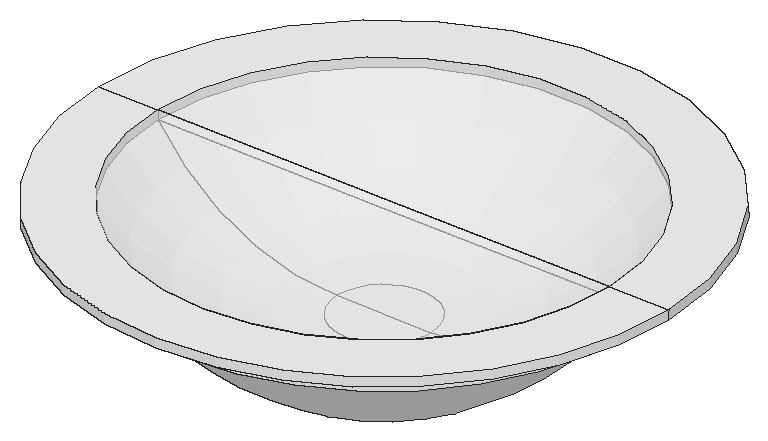
Revit family "0030327 Sylvania Lighting Fixture ST DWNLT 175 IP44 1525LM 840", category Lighting Fixtures, host Face, Revit 2016
Family settings
  Host = Face
  Part Type = Normal
  Round Connector Dimension = Use Diameter
  OmniClass Number = 23.80.70.00
  OmniClass Title = Lighting
  Cut with Voids When Loaded = No
  Light Source = Yes
  Shared = No
  Room Calculation Point = No
Parameters (values of type "0030327 ST DWNLT 175 IP44 1525LM 840")
  Weight = "kg"
  Wattage Comments = ""
  Wattage = 15 W
  WarrantyStartDate [instance] = "n/a"
  WarrantyGuarantorParts = "n/a"
  WarrantyDurationUnit = "n/a"
  WarrantyDurationParts = "n/a"
  WarrantyDescription = "n/a"
  built-in parameter 1150110 = 1 (stored number, unit not read)
  Voltage = 230 V
  URL = "http://www.sylvania-lighting.com"
  TypeName = "ST DWNLT 175 IP44 1525LM 840"
  Type Image = <None>
  Type Comments = "n/a"
  built-in parameter 1114217 = 1 (stored number, unit not read)
  Tilt Angle = -90.00°
  built-in parameter 1150109 = 1 (stored number, unit not read)
  built-in parameter 1150134 = 12
  built-in parameter 1150113 = 1 (stored number, unit not read)
  SerialNumber [instance] = "n/a"
  S_SYL = no
  RadiusTop_SYL = if(S_SYL, 80 mm, if(M_SYL, 100 mm, if(L_SYL, 120 mm, 120 mm)))  # 100 mm
  Photometric Web File = "0030327.ies"
  Material_3_FEILO = Top-Sylvania-STARTDownlight
  PowerFactor = 0.9
  PowerConsumption = "15 W"
  NominalLength = 195 mm
  NominalHeight = 47 mm
  NominalDepth = 195 mm
  Name = "ST DWNLT 175 IP44 1525LM 840"
  ModelReference = Name  # "ST DWNLT 175 IP44 1525LM 840"
  ModelNumber = "0030327"
  Model = Name  # "ST DWNLT 175 IP44 1525LM 840"
  Material = "aluminium housing, polycarbonate diffuser"
  ManufacturerName = "Feilo Sylvania"
  Manufacturer = "Feilo Sylvania"
  M_SYL = yes
  LuminousEfficacy = "102 lm/W"
  built-in parameter 1150105 = 838.41 (stored number, unit not read)
  Lumens = 1530 lm
  LuminaireType = ""
  built-in parameter 1150115 = 1 (stored number, unit not read)
  LightOutputRatio = "100"
  built-in parameter 1150137 = (empty or 0)
  built-in parameter 1150139 = (empty or 0)
  LampsType = Lamp  # "LED"
  LampNominalLuminous = "1525 lm"
  LampMacAdamStep = "5"
  LampColourTemperature = "4000 K"
  LampColourRenderingIndex = "80"
  built-in parameter 1150112 = 1 (stored number, unit not read)
  built-in parameter 1150114 = 1 (stored number, unit not read)
  Lamp = "LED"
  L_SYL = no
  Keynote = "16500"
  InstallationDate [instance] = "n/a"
  InputVoltage = "220-240V~"
  InputNominalFrequency = "50/60 Hz"
  built-in parameter 1150132 = (empty or 0)
  built-in parameter 1150102 = (empty or 0)
  built-in parameter 1150107 = 4000 (stored number, unit not read)
  built-in parameter 1150138 = (empty or 0)
  IngressProtection = "IP20/44"
  ImpactProtectionIndex = "IK07"
  built-in parameter 1150106 = 8.3841 (stored number, unit not read)
  IfcExportType = "IfcLightFixtureType"
  IfcExportAs = "IfcLightFixtureType"
  Height_SYL = if(S_SYL, 41 mm, if(M_SYL, 47 mm, if(L_SYL, 56 mm, 62 mm)))  # 47 mm
  ExpectedLife = 50000
  Emit from Circle Diameter = Diameter_SYL - 40 mm  # 153 mm
  Emit Shape Visible in Rendering = no
  ElectricShockClassification = "Class II"
  built-in parameter 1150104 = 9.4761 (stored number, unit not read)
  DurationUnit = "hours"
  DocumentationLiterature = "http://www.sylvania-lighting.com/product/en-int/products/0030327"
  DimmingControlOptions = "Non dimmable"
  Material_2_FEILO = Diffuser-Sylvania-STARTDownlight
  Dimming Lamp Color Temperature Shift = <None>
  Diameter_SYL = if(S_SYL, 164 mm, if(M_SYL, 193 mm, if(L_SYL, 220 mm, 240 mm)))  # 193 mm
  DiameterTop_SYL = if(S_SYL, 77 mm, if(M_SYL, 81 mm, if(L_SYL, 104 mm, 105 mm)))  # 81 mm
  DiameterRecess_SYL = if(S_SYL, 141 mm, if(M_SYL, 169 mm, if(L_SYL, 198 mm, 216 mm)))  # 169 mm
  Description = ""
  Default Elevation = 1219.2 mm
  CreatedOn = "8/1/2018"
  CreatedBy = "@sylvania-lighting.com"
  Cost = 0
  Color Filter = 16777215
  built-in parameter 1114216 [instance] = (empty or 0)
  ClassificationValue = "EF_70_80"
  ClassificationName = "Uniclass2015"
  Material_1_FEILO = Trim-Sylvania-STARTDownlight-White
  BarCode [instance] = "n/a"
  built-in parameter 1114218 = 1 (stored number, unit not read)
  built-in parameter 1150133 = 10 (stored number, unit not read)
  AssetType = "Fixed"
  AssetIdentifier [instance] = "n/a"
  Assembly Code = "D5020200"
  Apparent Load = 15 VA
  Material_4_FEILO = LED-Sylvania-STARTDownlight
Reference planes
  plane 1 "Center (Front/Back)": y = 0
  plane 2: z = 0
  plane 3 "Center (Left/Right)": x = 0
  plane 4: x = 96.5
  plane 5: x = -96.5
  plane 6: z = 3
  plane 7: z = -8
  plane 8: z = -42
  plane 9: z = -44
  plane 10: x = -84.5
  plane 11: x = 84.5
  plane 12: x = -40.5
  plane 13: x = 40.5
  plane 14: x = -76.5
  plane 15: x = 76.5
  plane 16: z = -85
  plane 17: x = -76.5
  plane 18: z = 2
  plane 19: z = -32
  plane 20: x = -16
Forms (mm)
  Revolve 1, solid
    sketch origin (0, 0, 0) x (1, 0, 0) y (0, 0, 1)
      loop
        line (-96.5, 3) -> (-96.5, 0) -> (-84.5, 0) -> (-84.5, -8) -> (-76.5, -8)
        arc (-76.5, -8) -> (-60.638, -27.264) -> (-40.5, -42) r 100
        line (-40.5, -42) -> (0, -42) -> (0, -32) -> (-16, -32)
        arc (-16, -32) -> (-50.221, -23.507) -> (-76.5, 0) r 73.191
        line (-76.5, 0) -> (-76.5, 3) -> (-96.5, 3)
      axis (0, 3) -> (0, -42)
    angle from 360 to 0
  Revolve 2, void
    sketch origin (0, 0, 0) x (1, 0, 0) y (0, 0, 1)
      loop
        line (0, 0) -> (-84.5, 0) -> (-84.5, -85) -> (0, -85) -> (0, 0)
      axis (0, 0) -> (0, -85)
    angle from 360 to 0
  Revolve 3, solid, material "Diffuser-Sylvania-STARTDownlight" <- "Material_2_FEILO"
    sketch origin (0, 0, 0) x (1, 0, 0) y (0, 0, 1)
      loop
        line (-76.5, 3) -> (-76.5, 0) -> (0, 0) -> (0, 3) -> (-76.5, 3)
      axis (0, 3) -> (0, 0)
    angle from 360 to 0
Dimensions and locks
  equal spacing: plane 4, plane 3 "Center (Left/Right)", plane 5
  "Diameter_SYL": plane 4 to plane 5
  equal spacing: plane 11, plane 3 "Center (Left/Right)", plane 10
  equal spacing: plane 13, plane 3 "Center (Left/Right)", plane 12
  "DiameterTop_SYL": plane 13 to plane 12
  equal spacing: plane 15, plane 3 "Center (Left/Right)", plane 14
  locked: plane 6 to plane 2 at 3
  "Height_SYL": plane 6 to plane 9
  locked: plane 8 to plane 9 at 2
  locked: plane 2 to plane 7 at 8
  locked: plane 2 to plane 16 at 85
  locked: plane 17 to plane 5 at 20
  locked: plane 6 to plane 18 at 1
  "DiameterRecess_SYL": plane 11 to plane 10
  locked: plane 19 to plane 8 at 10
  locked: plane 3 "Center (Left/Right)" to plane 20 at 16
  locked: plane 14 to plane 5 at 20
  "RadiusTop_SYL": radius of Revolve 1 sketch curve
  aligned and locked: plane 2 to host face
  aligned and locked: level to host face
  aligned and locked: Revolve 1 sketch curve to plane 5
  aligned and locked: Revolve 1 sketch curve to level
  aligned and locked: plane 7 to Revolve 1 sketch curve
  aligned and locked: Revolve 1 sketch curve to plane 10
  aligned and locked: plane 14 to Revolve 1 sketch curve
  aligned and locked: plane 3 "Center (Left/Right)" to Revolve 1 sketch curve
  aligned and locked: Revolve 1 sketch curve to plane 8
  aligned and locked: Revolve 1 sketch curve to plane 3 "Center (Left/Right)"
  aligned and locked: Revolve 2 sketch curve to plane 3 "Center (Left/Right)"
  aligned and locked: plane 3 "Center (Left/Right)" to Revolve 2 sketch curve
  aligned and locked: Revolve 2 sketch curve to plane 10
  aligned and locked: plane 16 to Revolve 2 sketch curve
  aligned and locked: Revolve 1 sketch curve to plane 6
  aligned and locked: plane 19 to Revolve 1 sketch curve
  aligned and locked: plane 20 to Revolve 1 sketch curve
  aligned and locked: Revolve 1 sketch curve to Revolve 1 sketch curve
  aligned and locked: plane 17 to Revolve 1 sketch curve
  aligned and locked: plane 2 to Revolve 1 sketch curve
  aligned and locked: Revolve 3 sketch curve to plane 3 "Center (Left/Right)"  (x2)
  aligned and locked: plane 3 "Center (Left/Right)" to imposter light
  aligned and locked: imposter light to plane 18
  aligned and locked: imposter light to plane 1 "Center (Front/Back)"
  aligned and locked: plane 14 to Revolve 3 sketch curve
Automatic sketch dimensions
  host sketch curve to host sketch curve = 2438.4 mm  (x2)
  plane 16 to Revolve 2 sketch curve = 524.6 mm
  Revolve 2 sketch curve to plane 6 = 2606.058 mm
  Revolve 1 sketch curve to plane 12 = 0 mm
  plane 16 to Revolve 1 sketch curve = 524.6 mm
  Revolve 1 sketch curve to Revolve 1 sketch curve = 2581.366 mm
  Revolve 2 sketch curve to level = 0 mm
  Revolve 3 sketch curve to plane 6 = 0 mm
  Revolve 3 sketch curve to level = 0 mm
  plane 16 to Revolve 3 sketch curve = 524.6 mm
  Revolve 3 sketch curve to Revolve 3 sketch curve = 2606.058 mm
Connectors
  electrical at (0, 0, 0), driven by "Apparent Load", driven by "PowerFactor", driven by "Voltage"
    settings: index 1, voltage 230 V, apparent load 15 VA, apparent load phase1 0 VA, apparent load phase2 0 VA, apparent load phase3 0 VA, power factor 0.9, load classification "Lighting", number of poles 1, system type 30, power factor state 1, is connector primary yes, connector utility no, sub classification motor no, connector description ""
